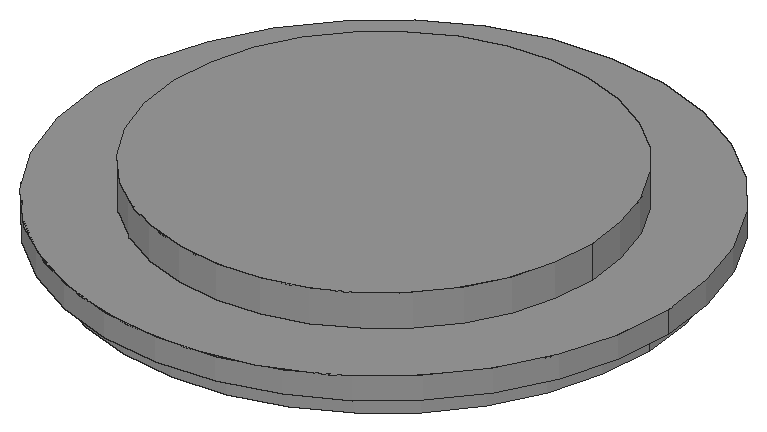
Revit family "MAGIC-HUBLOT_22W_DETECTEUR_1890LM", category Lighting Fixtures, host Ceiling, Revit 2021
Family settings
  Host = Ceiling
  Round Connector Dimension = Use Diameter
  Part Type = Normal
  OmniClass Number = 23.80.70.11
  OmniClass Title = Luminaries for Internal Lighting
  Always vertical = Yes
  Cut with Voids When Loaded = No
  Light Source = Yes
  Shared = No
  Room Calculation Point = No
Parameters (values of type "Type 1")
  Wattage Comments = "22W"
  Wattage = 12.7237 W
  built-in parameter 1150110 = 1 (stored number, unit not read)
  URL = "https://www.lucera.fr/"
  built-in parameter 1114217 = 1 (stored number, unit not read)
  Tilt Angle = 90.00°
  Temporisation = "Min 10s à max 12min"
  built-in parameter 1150109 = 1 (stored number, unit not read)
  built-in parameter 1150134 = (empty or 0)
  built-in parameter 1150113 = 1 (stored number, unit not read)
  SDCM = "<5"
  Puissance nominale = "22W"
  Photometric Web File = "google_eulumdat_converter.ies"
  Matériau = "Polycarbonate résistant aux UV"
  Manufacturer = "Lucera - Lucera (c) 06/01/2021 16:38:34 +01:00"  # constant formula
  Maintien du flux = "L80B10 (50 000 heures)"
  Lumens = 1890 lm
  built-in parameter 1150115 = 1 (stored number, unit not read)
  built-in parameter 1150105 = 150.4 (stored number, unit not read)
  built-in parameter 1150137 = (empty or 0)
  built-in parameter 1150139 = (empty or 0)
  built-in parameter 1150112 = 1 (stored number, unit not read)
  built-in parameter 1150114 = 1 (stored number, unit not read)
  Lamp = "LED SMD"
  built-in parameter 1150132 = 2
  built-in parameter 1150102 = (empty or 0)
  built-in parameter 1150138 = (empty or 0)
  built-in parameter 1150107 = 3000 (stored number, unit not read)
  built-in parameter 1150106 = 1.504 (stored number, unit not read)
  IRC = ">90"
  Fintion = "Blanc"
  Emit from Circle Diameter = 609.6 mm
  Emit Shape Visible in Rendering = no
  built-in parameter 1150104 = 13.8 (stored number, unit not read)
  Durée de vie = "50 000 heures"
  Distance de détection = "Mur : 5 à 15m réglable /Plafond : rayon de 2 à 8m réglable"
  Dimming Lamp Color Temperature Shift = <None>
  Dimensions = "Ø300 x 40 mm"
  Default Elevation = 0 mm
  Color Filter = 16777215
  Champs de détection = "180°/360°"
  built-in parameter 1114218 = 1 (stored number, unit not read)
  built-in parameter 1150133 = 10 (stored number, unit not read)
  Alimentation = "AC 220-240V"
Reference planes
  plane 1 "Light Source Axis (F/B)": y = 0
  plane 2: z = 0
  plane 3 "Light Source Axis (L/R)": x = 0
  plane 4 "Ceiling": z = 4000
  plane 5 "Light Source Elevation": z = 3964.757
Forms (mm)
  Extrusion 1, solid, material "Polycarbonate résistant aux UV"
    sketch origin (0, 0, 4000) x (0, 1, 0) y (-1, 0, 0)
      loop
        circle (0, 0) r 150
    from -28.534 to -16.924
  Extrusion 2, solid, material "Glass, White, High Luminance"
    sketch origin (0, 0, 4000) x (0, 1, 0) y (-1, 0, 0)
      loop
        circle (0, 0) r 140
    from -40 to -28.534
  Extrusion 3, solid, material "Polycarbonate résistant aux UV"
    sketch origin (0, 0, 4000) x (0, 1, 0) y (-1, 0, 0)
      loop
        circle (0, 0) r 110
    from -16.924 to 0
Lines and regions (mm)
  reference lines
    curve 1: line (0, 0, 4000) -> (132.5, 0, 4000)
    curve 2: line (0, 0, 4000) -> (-132.5, 0, 4000)
    curve 3: line (0, 0, 4000) -> (0, 0, 3960)
    curve 4: line (0, 0, 4000) -> (0, -150, 4000)
    curve 5: line (0, 0, 4000) -> (0, 150, 4000)
Dimensions and locks
  equal spacing: host sketch curve, plane 3 "Light Source Axis (L/R)", host sketch curve
  equal spacing: host sketch curve, plane 1 "Light Source Axis (F/B)", host sketch curve
  host sketch curve to host sketch curve = 4000 mm  (x2)
  plane 4 "Ceiling" to host ceiling = 0 mm
  aligned and locked: plane 1 "Light Source Axis (F/B)" to imposter light
  aligned and locked: plane 5 "Light Source Elevation" to imposter light
